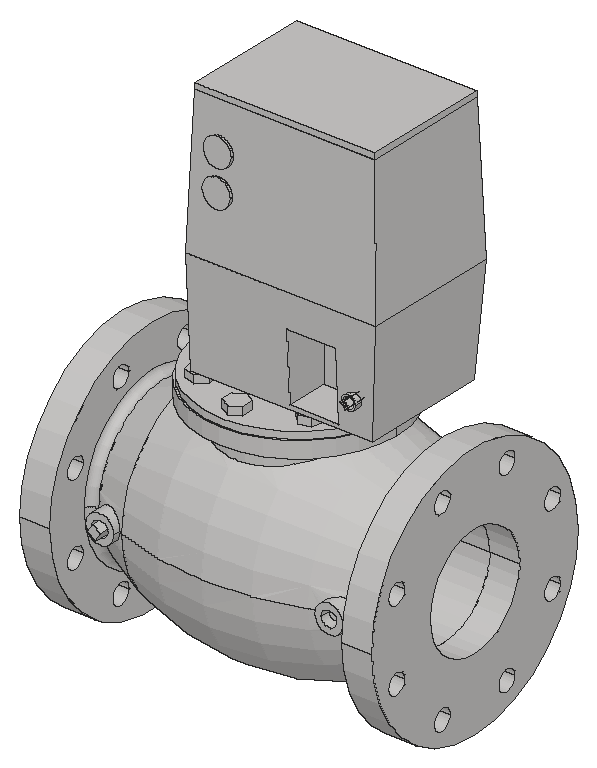
Revit family "4'' Flanged Gas Solenoid Valve", category Pipe Accessories, Revit 2020
Family settings
  Round Connector Dimension = Use Diameter
  Part Type = Valve - Breaks Into
  Work Plane-Based = No
  Always vertical = Yes
  Cut with Voids When Loaded = No
  Shared = No
Parameters
  Wattage = "50.0"
  Volt = "120VAC / 60Hz"
  VA = "115"
  URL = "https://americangassafety.com/wp-content/uploads/2022/11/AGSGSV4-Gas-Solenoid-Valve-Datasheet.pdf"
  Tel = "(727) 608-4375"
  Pipe Dia = 4"
  Nominal Opening Time = "16 Seconds at 50Hz"
  Model = "AGSGSV4"
  Max. Rated Pressure = "15PSI"
  Max Operating Pressure Differential = "3 PSI"
  Manufacturer = "American Gas Safety LLC"
  Locked Rotor = "58.8A FOR 120V & 29.4A FOR 240V"
  Inrush = "3.9"
  Head Office address = "6304 Benjamin Road, Suite 502, Tampa, FL 33634"
  Full Load = "9.8A FOR 120V & 4.9A FOR 240V"
  Email = "info@americangassafety.com"
  Description = "AGS gas solenoid valves control the flow of natural and LP (liquefied petroleum) gases and are most commonly used in with our range of\r\nutility controllers and gas detection systems. Designed for ON/OFF service."
  Default Elevation = 0"
  Cu m/hr = "288.8"
  Closing Time = "One Second Maximum"
  Cf/h = "10200"
  Amperage = "0.94"
  Ambient temperature rating = "-40°F to +150°F (-40°C to +66°C)"
Reference planes (in)
  plane 1 "Center (Front/Back)": y = 0
  plane 2: z = 0
  plane 3 "Center (Left/Right)": x = 0
  plane 4: y = -4.57813
  plane 5: y = 4.57812
  plane 6: x = -6.25
  plane 7: x = 6.25
  plane 8: through (0, 0, 0) normal (0, -0.766, 0.6428)
  plane 9: z = 4.57812
  plane 10: z = -4.57813
  plane 11: z = 14.15625
  plane 12: z = 5.78125
  plane 13: x = -2.05496
  plane 14: z = 11.21875
  plane 15: z = 12.5
  plane 16: y = 2.5
  plane 17: y = -2.5
Forms (in)
  Revolve 1, solid, material "Default(1)"
    sketch origin (0, 0, 0) x (1, 0, 0) y (0, 1, 0)
      loop
        arc (-5.18203, -3.0987) -> (-5.05314, -2.88) -> (-4.79937, -2.8868) r 0.25
        arc (-4.79937, -2.8868) -> (-4.13403, -3.26011) -> (-3.43595, -3.56789) r 7.9465
        arc (-3.43595, -3.56789) -> (0.75994, -4.17552) -> (4.80641, -2.91031) r 9.56715
        arc (4.80641, -2.91031) -> (5.05672, -2.90977) -> (5.18203, -3.12645) r 0.25
        line (5.18203, -3.12645) -> (5.18203, -2) -> (-5.18203, -2) -> (-5.18203, -3.0987)
      axis (-5.18203, 0) -> (5.18203, 0)
    angle from 0 to 360
  Extrusion 2, solid, material "Default(1)"
    sketch origin (0, 0, 0) x (1, 0, 0) y (0, 1, 0)
      loop
        circle (0, 0) r 2.75
    from 3.01341 to 4.00215
  Revolve 3, solid, material "Default(1)"
    sketch origin (0, 0, 0) x (1, 0, 0) y (0, 0, 1)
      loop
        line (-2.75, 4.00215) -> (0, 4.00215) -> (0, 4.82902) -> (-3.43548, 4.82902) -> (-3.43548, 4.57902) -> (-3.5, 4.57902) -> (-3.5, 4.00215) -> (-2.75, 4.00215)
      axis (0, 4.82902) -> (0, 4.00215)
    angle from 0 to 360
  Extrusion 4, solid, material "Default(1)"
    sketch origin (0, 0, 0) x (1, 0, 0) y (0, 1, 0)
      loop
        circle (0, 0) r 1.25
    from 4.82902 to 4.91002
  Extrusion 5, solid, material "Default(1)"
    sketch origin (0, 0, 0) x (1, 0, 0) y (0, 1, 0)
      loop
        line (0, 3.17663) -> (-0.36947, 2.96331) -> (-0.36947, 2.53669) -> (0, 2.32337) -> (0.36947, 2.53669) -> (0.36947, 2.96331) -> (0, 3.17663)
    from 4.82902 to 5.11049
  Extrusion 6, solid, material "Default(1)"
    sketch origin (0, 0, 0) x (0.707107, -0.707107, 0) y (0.707107, 0.707107, 0)
      loop
        line (0, 3.17663) -> (-0.36947, 2.96331) -> (-0.36947, 2.53669) -> (0, 2.32337) -> (0.36947, 2.53669) -> (0.36947, 2.96331) -> (0, 3.17663)
    from 4.82902 to 5.11049
  Extrusion 7, solid, material "Default(1)"
    sketch origin (0, 0, 0) x (0.707107, 0.707107, 0) y (-0.707107, 0.707107, 0)
      loop
        line (0, 3.17663) -> (-0.36947, 2.96331) -> (-0.36947, 2.53669) -> (0, 2.32337) -> (0.36947, 2.53669) -> (0.36947, 2.96331) -> (0, 3.17663)
    from 4.82902 to 5.11049
  Extrusion 8, solid, material "Default(1)"
    sketch origin (0, 0, 0) x (0, 1, 0) y (-1, 0, 0)
      loop
        line (0, 3.17663) -> (-0.36947, 2.96331) -> (-0.36947, 2.53669) -> (0, 2.32337) -> (0.36947, 2.53669) -> (0.36947, 2.96331) -> (0, 3.17663)
    from 4.82902 to 5.11049
  Extrusion 9, solid, material "Default(1)"
    sketch origin (0, 0, 0) x (-0.707107, 0.707107, 0) y (-0.707107, -0.707107, 0)
      loop
        line (0, 3.17663) -> (-0.36947, 2.96331) -> (-0.36947, 2.53669) -> (0, 2.32337) -> (0.36947, 2.53669) -> (0.36947, 2.96331) -> (0, 3.17663)
    from 4.82902 to 5.11049
  Extrusion 10, solid, material "Default(1)"
    sketch origin (0, 0, 0) x (-1, 0, 0) y (0, -1, 0)
      loop
        line (0, 3.17663) -> (-0.36947, 2.96331) -> (-0.36947, 2.53669) -> (0, 2.32337) -> (0.36947, 2.53669) -> (0.36947, 2.96331) -> (0, 3.17663)
    from 4.82902 to 5.11049
  Extrusion 11, solid, material "Default(1)"
    sketch origin (0, 0, 0) x (-0.707107, -0.707107, 0) y (0.707107, -0.707107, 0)
      loop
        line (0, 3.17663) -> (-0.36947, 2.96331) -> (-0.36947, 2.53669) -> (0, 2.32337) -> (0.36947, 2.53669) -> (0.36947, 2.96331) -> (0, 3.17663)
    from 4.82902 to 5.11049
  Extrusion 12, solid, material "Default(1)"
    sketch origin (0, 0, 0) x (0, -1, 0) y (1, 0, 0)
      loop
        line (0, 3.17663) -> (-0.36947, 2.96331) -> (-0.36947, 2.53669) -> (0, 2.32337) -> (0.36947, 2.53669) -> (0.36947, 2.96331) -> (0, 3.17663)
    from 4.82902 to 5.11049
  Revolve 13, solid, material "Default(1)"
    sketch origin (0, 0, -0.12799) x (1, 0, 0) y (0, 0, 1)
      loop
        line (0, 5.24115) -> (0.33435, 5.24115) -> (0.33435, 5.35458) -> (0.28941, 5.39951) -> (0.10044, 5.39951) -> (0.10044, 5.48035) -> (0.04655, 5.48035) -> (0.04655, 5.54496) -> (0, 5.54496) -> (0, 5.24115)
      axis (0, 5.24115) -> (0, 5.54496)
    angle from 0 to 360
  Extrusion 14, solid, material "Default(1)"
    sketch origin (0, 0, -0.12799) x (1, 0, 0) y (0, 1, 0)
      loop
        line (0.54208, 0.05664) -> (0.32009, 0.44113)
        arc (0.32009, 0.44113) -> (0.27863, 0.48259) -> (0.22199, 0.49777) r 0.11328
        line (0.22199, 0.49777) -> (-0.22143, 0.49777)
        arc (-0.22143, 0.49777) -> (-0.27855, 0.48247) -> (-0.32037, 0.44065) r 0.11424
        line (-0.32037, 0.44065) -> (-0.54208, 0.05664)
        arc (-0.54208, 0.05664) -> (-0.55725, 0) -> (-0.54208, -0.05664) r 0.11328
        line (-0.54208, -0.05664) -> (-0.32037, -0.44065)
        arc (-0.32037, -0.44065) -> (-0.27855, -0.48247) -> (-0.22143, -0.49777) r 0.11424
        line (-0.22143, -0.49777) -> (0.22199, -0.49777)
        arc (0.22199, -0.49777) -> (0.27863, -0.48259) -> (0.32009, -0.44113) r 0.11328
        line (0.32009, -0.44113) -> (0.54208, -0.05664)
        arc (0.54208, -0.05664) -> (0.55725, 0) -> (0.54208, 0.05664) r 0.11328
      loop
        circle (0, 0) r 0.37884
    from 5.03802 to 5.28633
  Extrusion 15, solid, material "Default(1)"
    sketch origin (0, 0, 0) x (1, 0, 0) y (0, 0, 1)
      loop
        circle (-4.07448, 0) r 0.5
      loop
        circle (-4.07448, 0) r 0.2946
    from 2.69807 to 3.73902
  Extrusion 16, solid, material "Default(1)"
    sketch origin (0, 0, 0) x (-1, 0, 0) y (0, 0, -1)
      loop
        line (4.13918, -0.24148) -> (4.31596, 0.0647) -> (4.00977, 0.24148) -> (3.833, -0.0647) -> (4.13918, -0.24148)
    from 2.69807 to 4.00056
  Extrusion 17, solid, material "Default(1)"
    sketch origin (8.14895, 0, 0) x (1, 0, 0) y (0, 0, 1)
      loop
        circle (-4.07448, 0) r 0.5
      loop
        circle (-4.07448, 0) r 0.28428
    from 2.84146 to 3.73902
  Extrusion 18, solid, material "Default(1)"
    sketch origin (0, 0, 0) x (1, 0, 0) y (0, 0, 1)
      loop
        circle (3.80409, 6.26377) r 0.25
      loop
        circle (3.80409, 6.26377) r 0.20352
    from 2.05496 to 2.53669
  Extrusion 19, solid, material "Default(1)"
    sketch origin (0, 0, 0) x (1, 0, 0) y (0, 0, 1)
      loop
        line (3.82445, 6.13212) -> (3.94246, 6.25013) -> (3.76568, 6.4269) -> (3.64768, 6.3089) -> (3.67198, 6.2846) -> (3.76944, 6.38206) -> (3.89415, 6.25734) -> (3.79669, 6.15988) -> (3.82445, 6.13212)
    from 2.05496 to 2.71504
  Extrusion 20, solid, material "Default(1)"
    sketch origin (0, 0, 0) x (-1, 0, 0) y (0, 0, 1)
      loop
        line (4.13918, 0.24148) -> (3.833, 0.0647) -> (4.00977, -0.24148) -> (4.31596, -0.0647) -> (4.13918, 0.24148)
    from 2.69807 to 4.00056
  Extrusion 21, solid, material "Default(1)"
    sketch origin (8.14895, 0, 0) x (1, 0, 0) y (0, 0, -1)
      loop
        circle (-4.07448, 0) r 0.5
      loop
        circle (-4.07448, 0) r 0.28428
    from 2.84146 to 3.73902
  Blend 22, solid, material "Default(1)"
    base sketch origin (0, 0, 0) x (1, 0, 0) y (0, 1, 0)
      loop
        line (-2.05496, 2.24621) -> (-2.05496, -2.24621) -> (4.44504, -2.24621) -> (4.44504, 2.24621) -> (-2.05496, 2.24621)
    top sketch origin (0, 0, 0) x (1, 0, 0) y (0, 1, 0)
      loop
        line (-2.05496, -2.4463) -> (4.69504, -2.4463) -> (4.69504, 2.4463) -> (-2.05496, 2.4463) -> (-2.05496, -2.4463)
    from 5.11049 to 8.95962
  Sweep 23, solid, material "Default(1)"
    path origin (0, 0, 0) x (1, 0, 0) y (0, 1, 0)
      loop
        line (4.69504, -2.4463) -> (4.69504, 2.4463) -> (-2.05496, 2.4463) -> (-2.05496, -2.4463) -> (4.69504, -2.4463)
    profile origin (4.69504, 0, 0) x (-1, 0, 0) y (0, 0, 1)
      loop
        line (0, 8.95962) -> (0.25, 8.95962) -> (0.43147, 14.15625) -> (0.18147, 14.15625) -> (0, 8.95962)
  Extrusion 24, solid, material "Default(1)"
    sketch origin (0, 0, 0) x (0, 1, 0) y (0, 0, 1)
      loop
        circle (0, 0) r 4.57813
      loop
        circle (0, 0) r 2
      loop
        circle (1.43506, -3.46455) r 0.375
      loop
        circle (3.46455, -1.43506) r 0.375
      loop
        circle (1.43506, 3.46455) r 0.375
      loop
        circle (3.46455, 1.43506) r 0.375
      loop
        circle (-1.43506, -3.46455) r 0.375
      loop
        circle (-3.46455, -1.43506) r 0.375
      loop
        circle (-1.43506, 3.46455) r 0.375
      loop
        circle (-3.46455, 1.43506) r 0.375
    from -6.25 to -5.18203
  Extrusion 25, solid, material "Default(1)"
    sketch origin (0, 0, 0) x (0, 1, 0) y (0, 0, -1)
      loop
        circle (0, 0) r 4.57813
      loop
        circle (0, 0) r 2
      loop
        circle (1.43506, 3.46455) r 0.375
      loop
        circle (3.46455, 1.43506) r 0.375
      loop
        circle (1.43506, -3.46455) r 0.375
      loop
        circle (3.46455, -1.43506) r 0.375
      loop
        circle (-1.43506, 3.46455) r 0.375
      loop
        circle (-3.46455, 1.43506) r 0.375
      loop
        circle (-1.43506, -3.46455) r 0.375
      loop
        circle (-3.46455, -1.43506) r 0.375
    from -6.25 to -5.18203
  Extrusion 26, void
    sketch origin (0, 0, 0) x (1, 0, 0) y (0, 0, 1)
      loop
        line (1.46585, 5.2506) -> (3.21585, 5.2506) -> (3.21585, 7.7506) -> (1.46585, 7.7506) -> (1.46585, 5.2506)
    from 0.73762 to 2.96331
  Extrusion 27, solid, material "Default(1)"
    sketch origin (-4.75, -0.30034, -0.07463) x (1, 0, 0) y (0, 0.034899, 0.999391)
      loop
        circle (3.76871, 11.21875) r 0.5
      loop
        circle (3.76871, 12.5) r 0.5
    from 2.25703 to 2.53279
  Extrusion 28, solid, material "Default(1)"
    sketch origin (0, 0, 0) x (1, 0, 0) y (0, 0, -1)
      loop
        circle (-4.07448, 0) r 0.5
      loop
        circle (-4.07448, 0) r 0.2946
    from 2.69807 to 3.73902
  Extrusion 29, solid, material "Default(1)"
    sketch origin (0, 0, 14.15625) x (1, 0, 0) y (0, 1, 0)
      loop
        line (-1.87349, -2.26483) -> (4.51357, -2.26483) -> (4.51357, 2.26483) -> (-1.87349, 2.26483) -> (-1.87349, -2.26483)
    from 0 to 0.19922
Cuts and joins
  joined: Revolve 1, Extrusion 2, Revolve 3, Extrusion 15, Extrusion 16, Extrusion 17, Extrusion 20, Extrusion 21, Extrusion 24, Extrusion 25, Extrusion 28
  Extrusion 26 cuts Blend 22
  joined: Sweep 23, Extrusion 27
Lines and regions (in)
  symbolic lines
    curve 1: circle (0, 0, 0) r 3.75 normal (1, 0, 0)
Dimensions and locks (in)
  locked: plane 9 to plane 10 at 9.15625
  plane 7 to plane 6 = 12 1/2"
  plane 11 to plane 2 = 14 5/32"
  plane 12 to plane 2 = 5 25/32"
  locked: plane 16 to plane 17 at 5
  "Pipe Dia": diameter of Extrusion 24 sketch curve
  aligned and locked: plane 2 to level
Automatic sketch dimensions
  Extrusion 5 sketch curve to Extrusion 5 sketch curve = 0.42663"  (x8)
  curve 1 to level = 0"
  curve 1 to plane 1 "Center (Front/Back)" = 0"
  plane 1 "Center (Front/Back)" to Revolve 1 sketch curve = 0"
  plane 6 to Revolve 1 sketch curve = 1.06797"
  Revolve 1 sketch curve to Revolve 1 sketch curve = 1/4"
  Revolve 1 sketch curve to plane 3 "Center (Left/Right)" = 0.58281"
  Revolve 1 sketch curve to plane 3 "Center (Left/Right)" = 0.00093"
  Revolve 1 sketch curve to plane 7 = 1.31797"
  Revolve 1 sketch curve to plane 17 = 1/2"
  Revolve 1 sketch curve to plane 7 = 1.06797"
  plane 17 to Revolve 1 sketch curve = 0.5987"
  plane 17 to Revolve 1 sketch curve = 0.62645"
  plane 5 to Revolve 1 sketch curve = 0.72938"
  Revolve 1 sketch curve to plane 5 = 0.7832"
  Revolve 1 sketch curve to Revolve 1 sketch curve = 0"  (x2)
  Revolve 1 sketch curve to plane 13 = 0.80496"
  Revolve 1 sketch curve to plane 3 "Center (Left/Right)" = 1/2"
  plane 1 "Center (Front/Back)" to Extrusion 2 sketch curve = 0"
  Extrusion 2 sketch curve to plane 3 "Center (Left/Right)" = 0"
  Revolve 3 sketch curve to plane 3 "Center (Left/Right)" = 0"  (x2)
  plane 13 to Revolve 3 sketch curve = 0.69504"
  plane 9 to Revolve 3 sketch curve = 0.2509"
  Revolve 3 sketch curve to Revolve 3 sketch curve = 0.68548"
  plane 9 to Revolve 3 sketch curve = 0.0009"
  Revolve 3 sketch curve to Revolve 3 sketch curve = 0.06452"
  Revolve 3 sketch curve to plane 9 = 0.57598"
  Revolve 3 sketch curve to plane 12 = 0.45223"
  plane 12 to Revolve 3 sketch curve = 0.54777"
  plane 1 "Center (Front/Back)" to Extrusion 4 sketch curve = 0"
  Extrusion 4 sketch curve to plane 3 "Center (Left/Right)" = 0"
  Revolve 13 sketch curve to plane 3 "Center (Left/Right)" = 0"  (x2)
  plane 3 "Center (Left/Right)" to Revolve 13 sketch curve = 0.04655"
  Revolve 13 sketch curve to Revolve 13 sketch curve = 0.0539"
  Revolve 13 sketch curve to Revolve 13 sketch curve = 0.18897"
  Revolve 13 sketch curve to Revolve 13 sketch curve = 0.04493"  (x2)
  plane 9 to Revolve 13 sketch curve = 0.53503"
  Revolve 13 sketch curve to Revolve 13 sketch curve = 0.11343"
  Revolve 13 sketch curve to Revolve 13 sketch curve = 0.08084"
  Revolve 13 sketch curve to Revolve 13 sketch curve = 0.0646"
  Revolve 13 sketch curve to Revolve 13 sketch curve = 0.14397"
  Revolve 13 sketch curve to plane 12 = 0.07453"
  plane 1 "Center (Front/Back)" to Extrusion 14 sketch curve = 0"  (x3)
  Extrusion 14 sketch curve to plane 3 "Center (Left/Right)" = 0"
  Extrusion 14 sketch curve to plane 3 "Center (Left/Right)" = 0.22143"  (x2)
  Extrusion 14 sketch curve to Extrusion 14 sketch curve = 0.09893"  (x2)
  Extrusion 14 sketch curve to Extrusion 14 sketch curve = 0.22254"
  Extrusion 14 sketch curve to plane 1 "Center (Front/Back)" = 0.05664"  (x2)
  Extrusion 14 sketch curve to Extrusion 14 sketch curve = 0.0981"  (x4)
  plane 1 "Center (Front/Back)" to Extrusion 14 sketch curve = 0.05664"  (x2)
  plane 3 "Center (Left/Right)" to Extrusion 14 sketch curve = 0.22199"  (x2)
  Extrusion 14 sketch curve to Extrusion 14 sketch curve = 0.22199"
  plane 1 "Center (Front/Back)" to Extrusion 14 sketch curve = 0.38353"
  plane 1 "Center (Front/Back)" to Extrusion 14 sketch curve = 0.38449"
  Extrusion 14 sketch curve to Extrusion 14 sketch curve = 0.05712"  (x2)
  Extrusion 14 sketch curve to plane 1 "Center (Front/Back)" = 0.38353"
  Extrusion 14 sketch curve to plane 1 "Center (Front/Back)" = 0.38449"
  Extrusion 15 sketch curve to Extrusion 15 sketch curve = 0"  (x2)
  Extrusion 15 sketch curve to level = 0"
  plane 13 to Extrusion 15 sketch curve = 2 5/256"
  Extrusion 16 sketch curve to level = 0.0647"
  Extrusion 16 sketch curve to plane 13 = 1.77803"
  level to Extrusion 16 sketch curve = 0.24148"
  Extrusion 16 sketch curve to Extrusion 16 sketch curve = 0.17678"
  Extrusion 16 sketch curve to level = 0.24148"
  Extrusion 17 sketch curve to Extrusion 17 sketch curve = 0"  (x2)
  Extrusion 17 sketch curve to level = 0"
  Extrusion 17 sketch curve to plane 7 = 2.17552"
  Extrusion 18 sketch curve to Extrusion 18 sketch curve = 0"  (x2)
  plane 12 to Extrusion 18 sketch curve = 0.48252"
  Extrusion 18 sketch curve to plane 7 = 2.44591"
  plane 12 to Extrusion 19 sketch curve = 0.52765"
  Extrusion 19 sketch curve to plane 7 = 2.60232"
  plane 12 to Extrusion 19 sketch curve = 0.50335"
  Extrusion 19 sketch curve to Extrusion 19 sketch curve = 0.0243"
  plane 12 to Extrusion 19 sketch curve = 0.64565"
  plane 12 to Extrusion 19 sketch curve = 0.60081"
  plane 12 to Extrusion 19 sketch curve = 0.37863"
  Extrusion 19 sketch curve to Extrusion 19 sketch curve = 0.12471"
  plane 12 to Extrusion 19 sketch curve = 0.35087"
  level to Extrusion 20 sketch curve = 0.0647"
  plane 13 to Extrusion 20 sketch curve = 1.77803"
  Extrusion 20 sketch curve to level = 0.24148"
  Extrusion 20 sketch curve to Extrusion 20 sketch curve = 0.17678"
  level to Extrusion 20 sketch curve = 0.24148"
  Extrusion 21 sketch curve to Extrusion 21 sketch curve = 0"  (x2)
  Extrusion 21 sketch curve to level = 0"
  Extrusion 21 sketch curve to plane 7 = 2.17552"
  Blend 22 sketch curve to plane 13 = 0"  (x2)
  Blend 22 sketch curve to plane 17 = 0.25379"
  Blend 22 sketch curve to plane 7 = 1.80496"
  plane 16 to Blend 22 sketch curve = 0.25379"
  plane 16 to Blend 22 sketch curve = 0.0537"
  Blend 22 sketch curve to plane 7 = 1.55496"
  Blend 22 sketch curve to plane 17 = 0.0537"
  Sweep 23 sketch curve to plane 13 = 0"
  plane 16 to Sweep 23 sketch curve = 0.0537"
  Sweep 23 sketch curve to plane 7 = 1.55496"
  Sweep 23 sketch curve to plane 17 = 0.0537"
  Sweep 23 sketch curve to profile plane = 0"
  Sweep 23 sketch curve to profile plane = 0.18147"
  Sweep 23 sketch curve to profile plane = 1/4"
  Sweep 23 sketch curve to Sweep 23 sketch curve = 1/4"
  level to Sweep 23 sketch curve = 8.95962"
  Sweep 23 sketch curve to Sweep 23 sketch curve = 5.19663"
  Extrusion 24 sketch curve to Extrusion 24 sketch curve = 0"  (x6)
  Extrusion 24 sketch curve to level = 0"
  Extrusion 24 sketch curve to plane 1 "Center (Front/Back)" = 0"
  plane 17 to Extrusion 24 sketch curve = 0.96455"  (x2)
  Extrusion 24 sketch curve to plane 17 = 1.06494"  (x2)
  plane 16 to Extrusion 24 sketch curve = 1.06494"  (x2)
  Extrusion 24 sketch curve to plane 16 = 0.96455"  (x2)
  Extrusion 24 sketch curve to level = 1.43506"  (x2)
  plane 10 to Extrusion 24 sketch curve = 1.11358"  (x2)
  level to Extrusion 24 sketch curve = 1.43506"  (x2)
  Extrusion 24 sketch curve to plane 9 = 1.11358"  (x2)
  Extrusion 25 sketch curve to Extrusion 25 sketch curve = 0"  (x6)
  Extrusion 25 sketch curve to level = 0"
  Extrusion 25 sketch curve to plane 1 "Center (Front/Back)" = 0"
  Extrusion 25 sketch curve to plane 17 = 1.06494"  (x2)
  plane 17 to Extrusion 25 sketch curve = 0.96455"  (x2)
  plane 16 to Extrusion 25 sketch curve = 1.06494"  (x2)
  Extrusion 25 sketch curve to plane 16 = 0.96455"  (x2)
  level to Extrusion 25 sketch curve = 1.43506"  (x2)
  Extrusion 25 sketch curve to plane 9 = 1.11358"  (x2)
  Extrusion 25 sketch curve to level = 1.43506"  (x2)
  plane 10 to Extrusion 25 sketch curve = 1.11358"  (x2)
  Extrusion 25 sketch curve to plane 17 = 1/2"
  plane 3 "Center (Left/Right)" to Extrusion 26 sketch curve = 1.46585"
  Extrusion 26 sketch curve to Extrusion 26 sketch curve = 1 3/4"
  Extrusion 26 sketch curve to plane 12 = 0.53065"
  plane 12 to Extrusion 26 sketch curve = 1.96935"
  Extrusion 27 sketch curve to plane 3 "Center (Left/Right)" = 0.98129"  (x2)
  Extrusion 27 sketch curve to Extrusion 27 sketch curve = 1 9/32"
  Extrusion 28 sketch curve to Extrusion 28 sketch curve = 0"  (x2)
  Extrusion 28 sketch curve to level = 0"
  plane 13 to Extrusion 28 sketch curve = 2 5/256"
  Extrusion 29 sketch curve to plane 13 = 0.18147"
  Extrusion 29 sketch curve to plane 17 = 0.23517"
  Extrusion 29 sketch curve to plane 7 = 1.73643"
  plane 16 to Extrusion 29 sketch curve = 0.23517"
  radius of curve 1 = 3 3/4"
  radius of Extrusion 2 sketch curve = 2 3/4"
  radius of Extrusion 4 sketch curve = 1 1/4"
  radius of Extrusion 14 sketch curve = 0.37884"
  radius of Extrusion 15 sketch curve = 1/2"
  radius of Extrusion 15 sketch curve = 0.2946"
  radius of Extrusion 17 sketch curve = 1/2"
  radius of Extrusion 17 sketch curve = 0.28428"
  radius of Extrusion 18 sketch curve = 1/4"
  radius of Extrusion 18 sketch curve = 0.20352"
  radius of Extrusion 21 sketch curve = 1/2"
  radius of Extrusion 21 sketch curve = 0.28428"
  radius of Extrusion 24 sketch curve = 4 37/64"
  radius of Extrusion 24 sketch curve = 3/8"  (x8)
  radius of Extrusion 25 sketch curve = 4 37/64"
  radius of Extrusion 25 sketch curve = 3/8"  (x8)
  radius of Extrusion 27 sketch curve = 1/2"  (x2)
  radius of Extrusion 28 sketch curve = 1/2"
  radius of Extrusion 28 sketch curve = 0.2946"
Connectors (in)
  piping at (-6.25, 0, 0), diameter 4, driven by "Pipe Dia"
    settings: on cut or joined group 1 (Revolve 1, Extrusion 2, Revolve 3, Extrusion 15, Extrusion 16, Extrusion 17, Extrusion 20, Extrusion 21, Extrusion 24, Extrusion 25, Extrusion 28), index 1, connector inside diameter 24", connector length 0", flow factor 0, pipe flow 0 GPM, pressure drop 0.00 psi, fitting loss kfactor 0, connector angle 0.00°, fixture units 0, engagement length 0", angle of deflection 0.00°, flow configuration 0, flow direction 0, fitting loss method 0, system type 7, joint type 0, gender type 0, connector reference index -1, connector utility 0, adjustable connector no, is connector primary yes, connector description ""
  piping at (6.25, 0, 0), diameter 4, driven by "Pipe Dia"
    settings: on cut or joined group 1, index 2, connector inside diameter 24", connector length 0", flow factor 0, pipe flow 0 GPM, pressure drop 0.00 psi, fitting loss kfactor 0, connector angle 0.00°, fixture units 0, engagement length 0", angle of deflection 0.00°, flow configuration 0, flow direction 0, fitting loss method 0, system type 7, joint type 0, gender type 0, connector reference index -1, connector utility 0, adjustable connector no, is connector primary no, connector description ""
